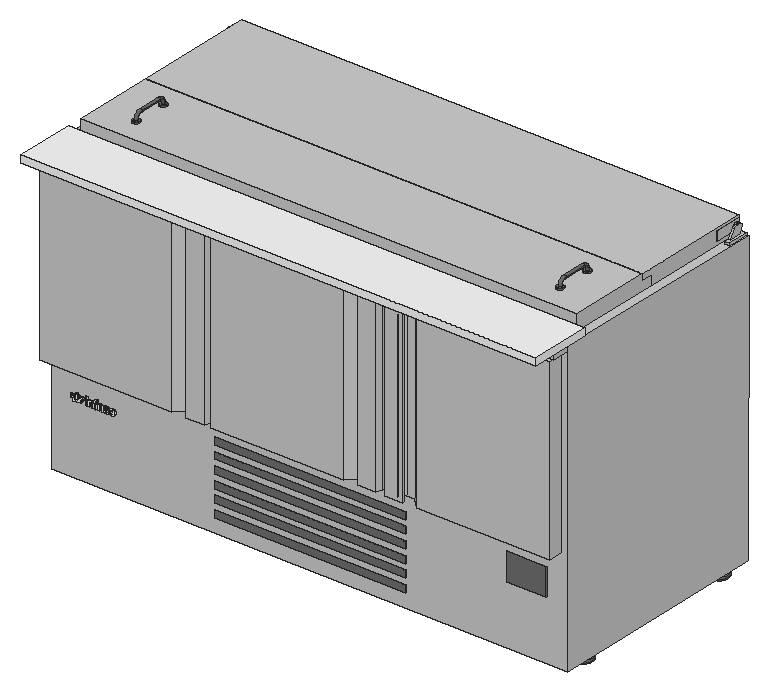
Revit family "QF_INFRICO_ME1003BAN_250813073431", category Specialty Equipment, Revit 2021
Family settings
  Round Connector Dimension = Use Diameter
  Part Type = Normal
  OmniClass Number = 23.40.40.14
  OmniClass Title = Food Service Equipment
  Work Plane-Based = No
  Always vertical = Yes
  Cut with Voids When Loaded = No
  Shared = No
  Room Calculation Point = No
Parameters (values of type "ME1003BAN-R290")
  Weight [instance] = 123.00 kg
  Waste Water Discharge Temperature [instance] = 0 °C
  Waste Remarks [instance] = ""
  Warranty Start Date [instance] = ""
  Warranty Duration [instance] = ""
  Volts [instance] = 230 V
  Volt Free Conn [instance] = no
  URL Recommended Spares List [instance] = ""
  URL Manufacturer [instance] = ""
  URL Cutsheet [instance] = ""
  URL Critical Spares List [instance] = ""
  URL = "www.infrico.com"
  Technical Documentation [instance] = ""
  Tag Number [instance] = ""
  Status [instance] = ""
  Start Up Current [instance] = 0 A
  Specification by User [instance] = ""
  Specification by Manufacturer [instance] = ""
  Sound Level [instance] = ""
  Show Logo [instance] = yes
  Show Clearances [instance] = yes
  Service Life Duration [instance] = ""
  Serial Number [instance] = ""
  Seismic Rating [instance] = ""
  SMACNA No [instance] = ""
  Revision Code [instance] = ""
  Revision [instance] = ""
  Production Year [instance] = ""
  Potential Equalisation [instance] = no
  Point Load [instance] = 0
  Plumbing Connection Type [instance] = ""
  Phase [instance] = 1
  Other Equipment Approvals [instance] = ""
  Operational Current [instance] = 0 A
  Number of Poles [instance] = 2
  No Load Power Draw [instance] = no
  NAFEM Spec ID Number [instance] = ""
  Model Warning [instance] = ""
  Model = "ME1003BAN"
  Min Ckt Ampacity [instance] = 0 A
  Max Overcurrent Protection [instance] = 0 A
  Masterspec [instance] = ""
  Manufacturer = "INFRICO"
  Main switch integrated [instance] = no
  Length Actual [instance] = 1460 mm
  Item Number [instance] = ""
  Installed By [instance] = ""
  Installation Date [instance] = ""
  Indirect Waste Size [instance] = 19.05 mm
  Indirect Waste Remarks [instance] = ""
  Indirect Waste Flow [instance] = 0.0 L/s
  Indirect Waste Connection Type [instance] = ""
  Indirect Waste Connection Height [instance] = 0 mm
  Identify Quantity as Lot [instance] = no
  ID [instance] = ""
  Hygiene Approval [instance] = ""
  Height Actual [instance] = 885 mm
  HP power [instance] = ""
  Furnished By [instance] = ""
  Foodservice Equipment Identifier [instance] = no
  FL Amps [instance] = 0 A
  Electrical Remarks [instance] = ""
  Electric power [instance] = 420 W
  Electric Connection Type [instance] = ""
  Elec Conn RI Height [instance] = 0 mm
  Elec Conn Connection Height [instance] = 0 mm
  ETL Approved [instance] = no
  Direct Waste Water Discharge Temperature [instance] = -273.15 °C
  Direct Waste Size [instance] = 19.05 mm
  Direct Waste RI Height [instance] = 0 mm
  Direct Waste Flow [instance] = 0.0 L/s
  Direct Waste Connection Height [instance] = 0 mm
  Description = "GN1/1 SALAD PREP REFRIGERATOR TABLE 700 SERIES - R290"
  Depth Actual [instance] = 700 mm
  Default Elevation = 0 mm
  Cycle [instance] = 50 Hz
  Cost = 0
  Connection to energy optimisation system [instance] = yes
  Conn Plug [instance] = ""
  Conn Conduit [instance] = no
  Centralized building control system with digital interface [instance] = ""
  CSI MasterFormat [instance] = ""
  CE Approved [instance] = no
  Barcode [instance] = 0
  Author [instance] = ""
  Asset Identifier [instance] = ""
  Apparent Power [instance] = 420 VA
  Accessory [instance] = no
Reference planes
  plane 1 "Center (Front/Back)": y = 0
  plane 2: z = 0
  plane 3 "Center (Left/Right)": x = 0
Forms (mm)
  Extrusion 1, solid, not visible
    sketch origin (487.024, -150.007, 288.014) x (1, 0, 0) y (0, 1, 0)
      loop
        line (-2, 2) -> (-2, -2) -> (2, -2) -> (2, 2) -> (-2, 2)
    from -2 to 2
  Extrusion 2, solid, not visible
    sketch origin (45.002, -152.007, 286.014) x (1, 0, 0) y (0, 1, 0)
      loop
        line (-2, 2) -> (-2, -2) -> (2, -2) -> (2, 2) -> (-2, 2)
    from -2 to 2
Dimensions and locks
  locked: nested 2 to Extrusion 1 at 2  (x2)
  locked: Extrusion 2 to nested 3
  locked: nested 3 to Extrusion 2 at 2
  aligned and locked: level to plane 2
Nested families
  nested 1: "QF_INFRICO_ME1003BAN_2920" at (0, 0, 0), type "ME1003BAN-R290"
    with Weight 123.00 kg, Warranty Start Date "", Warranty Duration "", URL Cutsheet "", Technical Documentation "", Tag Number "", Status "", Specification by User "", Specification by Manufacturer "", Sound Level "", Solid Fuel Type "", Show Logo yes, Show Clearances yes, Show Clearance yes, Service Life Duration "", Serial Number "", Seismic Rating "", SMACNA No "", Revision Code "", Revision "", Production Year "", Point Load 0, Other Equipment Approvals "", NAFEM Spec ID Number "", Model Warning "", Masterspec "", Length Actual 1460 mm, Item Number "", Installed By "", Installation Date "", Identify Quantity as Lot yes, ID "", Hygiene Approval "", Height Actual 885 mm, Furnished By "", Foodservice Equipment Identifier yes, ETL Approved yes, Depth Actual 700 mm, CSI MasterFormat "", CE Approved no, Barcode "", Author "", Asset Identifier "", Accessory no
  nested 2: "CONN_POINT_DRAIN_2D___Generic_Annotation" at (487.024, -150.007, 286.014), type "CONN_POINT_DRAIN_2D___Generic_Annotation"
    with Onboard connection annotation symbol visibility yes
  nested 3: "CONN_POINT_ELE_2D___Generic_Annotation" at (45.002, -150.007, 286.014), type "CONN_POINT_ELE_2D___Generic_Annotation"
    with Onboard connection annotation symbol visibility yes
  nested 4: "QF_INFRICO_ME_DOOR_SX_4657" at (10, -638, 324), type "ME_DOOR_SX"
    with Weight 0.00 kg, Warranty Start Date "", Warranty Duration "", URL Cutsheet "", Technical Documentation "", Tag Number "", Status "", Specification by User "", Specification by Manufacturer "", Sound Level "", Solid Fuel Type "", Show Logo yes, Show Clearances yes, Show Clearance yes, Service Life Duration "", Serial Number "", Seismic Rating "", SMACNA No "", Revision Code "", Revision "", Production Year "", Point Load 0, Other Equipment Approvals "", NAFEM Spec ID Number "", Model Warning "", Masterspec "", Length Actual 472 mm, Item Number "", Installed By "", Installation Date "", Identify Quantity as Lot yes, ID "", Hygiene Approval "", Height Actual 502 mm, Furnished By "", Foodservice Equipment Identifier yes, ETL Approved yes, Depth Actual 57 mm, CSI MasterFormat "", CE Approved no, Barcode "", Author "", Asset Identifier "", Accessory yes
  nested 5: "QF_INFRICO_ME_DOOR_SX_5431" at (496, -638, 324), type "ME_DOOR_SX"
    with Weight 0.00 kg, Warranty Start Date "", Warranty Duration "", URL Cutsheet "", Technical Documentation "", Tag Number "", Status "", Specification by User "", Specification by Manufacturer "", Sound Level "", Solid Fuel Type "", Show Logo yes, Show Clearances yes, Show Clearance yes, Service Life Duration "", Serial Number "", Seismic Rating "", SMACNA No "", Revision Code "", Revision "", Production Year "", Point Load 0, Other Equipment Approvals "", NAFEM Spec ID Number "", Model Warning "", Masterspec "", Length Actual 472 mm, Item Number "", Installed By "", Installation Date "", Identify Quantity as Lot yes, ID "", Hygiene Approval "", Height Actual 502 mm, Furnished By "", Foodservice Equipment Identifier yes, ETL Approved yes, Depth Actual 57 mm, CSI MasterFormat "", CE Approved no, Barcode "", Author "", Asset Identifier "", Accessory yes
  nested 6: "QF_INFRICO_ME_DOOR_DX_6205" at (982, -638, 324), type "ME_DOOR_DX"
    with Weight 0.00 kg, Warranty Start Date "", Warranty Duration "", URL Cutsheet "", Technical Documentation "", Tag Number "", Status "", Specification by User "", Specification by Manufacturer "", Sound Level "", Solid Fuel Type "", Show Logo yes, Show Clearances yes, Show Clearance yes, Service Life Duration "", Serial Number "", Seismic Rating "", SMACNA No "", Revision Code "", Revision "", Production Year "", Point Load 0, Other Equipment Approvals "", NAFEM Spec ID Number "", Model Warning "", Masterspec "", Length Actual 472 mm, Item Number "", Installed By "", Installation Date "", Identify Quantity as Lot yes, ID "", Hygiene Approval "", Height Actual 502 mm, Furnished By "", Foodservice Equipment Identifier yes, ETL Approved yes, Depth Actual 57 mm, CSI MasterFormat "", CE Approved no, Barcode "", Author "", Asset Identifier "", Accessory yes
Connectors
  piping at (487.024, -150.007, 286.014), diameter 19.05, driven by "Indirect Waste Size", driven by "Direct Waste Flow"
    settings: on Extrusion 1, index 1, connector inside diameter 609.6 mm, connector length 0 mm, flow factor 0, pipe flow 0.0 L/s, pressure drop 0.0 Pa, fitting loss kfactor 0, connector angle 0.00°, fixture units 0, engagement length 0 mm, angle of deflection 0.00°, flow configuration 1, flow direction 2, fitting loss method 0, system type 16, joint type 0, gender type 0, connector reference index -1, connector utility 0, adjustable connector no, is connector primary yes, connector description "Waste connection for ME1003BAN"
  electrical at (45.002, -150.007, 286.014), driven by "Apparent Power", driven by "Number of Poles", driven by "Volts"
    settings: on Extrusion 2, index 2, voltage 230 V, apparent load 0 VA, apparent load phase1 420 VA, apparent load phase2 0 VA, apparent load phase3 0 VA, power factor 1, load classification "Other", number of poles 2, system type 31, power factor state 1, is connector primary yes, connector utility no, sub classification motor no, connector description "Electrical connection for ME1003BAN"
Definition of nested family "QF_INFRICO_ME1003BAN_2920"
  Parameters (values of type "ME1003BAN-R290")
    Weight [instance] = 0.00 kg
    Warranty Start Date [instance] = ""
    Warranty Duration [instance] = ""
    URL Cutsheet [instance] = ""
    URL = "www.infrico.com"
    Technical Documentation [instance] = ""
    Tag Number [instance] = ""
    Status [instance] = ""
    Specification by User [instance] = ""
    Specification by Manufacturer [instance] = ""
    Sound Level [instance] = ""
    Solid Fuel Type [instance] = ""
    Show Logo [instance] = yes
    Show Clearances [instance] = yes
    Show Clearance [instance] = yes
    Service Life Duration [instance] = ""
    Serial Number [instance] = ""
    Seismic Rating [instance] = ""
    SMACNA No [instance] = ""
    Revision Code [instance] = ""
    Revision [instance] = ""
    Production Year [instance] = ""
    Point Load [instance] = 0
    Other Equipment Approvals [instance] = ""
    NAFEM Spec ID Number [instance] = ""
    Model Warning [instance] = ""
    Model = "ME1003BAN"
    Masterspec [instance] = ""
    Manufacturer = "INFRICO"
    Length Actual [instance] = 0 mm
    Item Number [instance] = ""
    Installed By [instance] = ""
    Installation Date [instance] = ""
    Identify Quantity as Lot [instance] = yes
    ID [instance] = ""
    Hygiene Approval [instance] = ""
    Height Actual [instance] = 0 mm
    Furnished By [instance] = ""
    Foodservice Equipment Identifier [instance] = yes
    ETL Approved [instance] = yes
    Description = "GN1/1 SALAD PREP REFRIGERATOR TABLE 700 SERIES - R290"
    Depth Actual [instance] = 0 mm
    Default Elevation = 0 mm
    CSI MasterFormat [instance] = ""
    CE Approved [instance] = yes
    Barcode [instance] = ""
    Author [instance] = ""
    Asset Identifier [instance] = ""
    Assembly Code = "E1090320"
    Accessory [instance] = yes
  Types (2, lengths in mm): name | Description
    ME1003BAN | "GN1/1 SALAD PREP REFRIGERATOR TABLE 700 SERIES - R134A"
    ME1003BAN-R290 | "GN1/1 SALAD PREP REFRIGERATOR TABLE 700 SERIES - R290"
  Reference planes
    plane 1 "Back": y = 0
    plane 2: z = 0
    plane 3 "Left": x = 0
    plane 4 "Right": x = 1460
    plane 5 "Front": y = -700
    plane 6 "Top": z = 895.04
  Forms (mm)
    Revolve 1, solid
      sketch origin (29, 0.51, 0) x (0, 1, 0) y (0, 0, 1)
        loop
          line (-65.51, 19.01) -> (-65.51, 0) -> (-45.51, 0)
          arc (-45.51, 0) -> (-41.974, 1.464) -> (-40.51, 5) r 5
          line (-40.51, 5) -> (-40.51, 10) -> (-50.51, 10) -> (-50.51, 14.5) -> (-60.51, 14.5) -> (-60.51, 19.01) -> (-65.51, 19.01)
        axis (-65.51, 19.01) -> (-65.51, 0)
      angle from 0 to 360
    Revolve 2, solid
      sketch origin (29, -479.49, 0) x (0, 1, 0) y (0, 0, 1)
        loop
          line (-65.51, 19.01) -> (-65.51, 0) -> (-45.51, 0)
          arc (-45.51, 0) -> (-41.974, 1.464) -> (-40.51, 5) r 5
          line (-40.51, 5) -> (-40.51, 10) -> (-50.51, 10) -> (-50.51, 14.5) -> (-60.51, 14.5) -> (-60.51, 19.01) -> (-65.51, 19.01)
        axis (-65.51, 19.01) -> (-65.51, 0)
      angle from 0 to 360
    Revolve 3, solid
      sketch origin (1431, 0.51, 0) x (0, 1, 0) y (0, 0, 1)
        loop
          line (-65.51, 19.01) -> (-65.51, 0) -> (-45.51, 0)
          arc (-45.51, 0) -> (-41.974, 1.464) -> (-40.51, 5) r 5
          line (-40.51, 5) -> (-40.51, 10) -> (-50.51, 10) -> (-50.51, 14.5) -> (-60.51, 14.5) -> (-60.51, 19.01) -> (-65.51, 19.01)
        axis (-65.51, 19.01) -> (-65.51, 0)
      angle from 0 to 360
    Revolve 4, solid
      sketch origin (1431, -479.49, 0) x (0, 1, 0) y (0, 0, 1)
        loop
          line (-65.51, 19.01) -> (-65.51, 0) -> (-45.51, 0)
          arc (-45.51, 0) -> (-41.974, 1.464) -> (-40.51, 5) r 5
          line (-40.51, 5) -> (-40.51, 10) -> (-50.51, 10) -> (-50.51, 14.5) -> (-60.51, 14.5) -> (-60.51, 19.01) -> (-65.51, 19.01)
        axis (-65.51, 19.01) -> (-65.51, 0)
      angle from 0 to 360
    Extrusion 5, solid
      sketch origin (0, 0, 0) x (0, 1, 0) y (0, 0, 1)
        loop
          line (0, 19.01) -> (0, 49.01) -> (-150, 49.01) -> (-150, 319) -> (0, 319) -> (0, 844.01) -> (-638, 844.01) -> (-638, 19.01) -> (0, 19.01)
      from 30 to 1430
    Extrusion 6, solid
      sketch origin (-1759, -636.1, 0) x (1, 0, 0) y (0, 0, 1)
        loop
          line (2220, 263.01) -> (2220, 243.01) -> (2760, 243.01) -> (2760, 263.01) -> (2220, 263.01)
      from 0 to 2
    Extrusion 7, solid
      sketch origin (-1759, -636.1, -37) x (1, 0, 0) y (0, 0, 1)
        loop
          line (2220, 263.01) -> (2220, 243.01) -> (2760, 243.01) -> (2760, 263.01) -> (2220, 263.01)
      from 0 to 2
    Extrusion 8, solid
      sketch origin (-1759, -636.1, -74) x (1, 0, 0) y (0, 0, 1)
        loop
          line (2220, 263.01) -> (2220, 243.01) -> (2760, 243.01) -> (2760, 263.01) -> (2220, 263.01)
      from 0 to 2
    Extrusion 9, solid
      sketch origin (-1759, -636.1, -111) x (1, 0, 0) y (0, 0, 1)
        loop
          line (2220, 263.01) -> (2220, 243.01) -> (2760, 243.01) -> (2760, 263.01) -> (2220, 263.01)
      from 0 to 2
    Extrusion 10, solid
      sketch origin (-1759, -636.1, -148) x (1, 0, 0) y (0, 0, 1)
        loop
          line (2220, 263.01) -> (2220, 243.01) -> (2760, 243.01) -> (2760, 263.01) -> (2220, 263.01)
      from 0 to 2
    Extrusion 11, solid
      sketch origin (-1759, -636.1, -185) x (1, 0, 0) y (0, 0, 1)
        loop
          line (2220, 263.01) -> (2220, 243.01) -> (2760, 243.01) -> (2760, 263.01) -> (2220, 263.01)
      from 0 to 2
    Extrusion 12, solid
      sketch origin (-1518, -638, 0) x (1, 0, 0) y (0, 0, 1)
        loop
          line (2917.81, 187.81) -> (2917.81, 264.21) -> (2806.21, 264.21) -> (2806.21, 187.81) -> (2917.81, 187.81)
      from 0 to 2
    Extrusion 13, solid
      sketch origin (-1999.879, -2000, 843.52) x (1, 0, 0) y (0, 1, 0)
        loop
          line (2004.879, 1939.39) -> (2016.879, 1939.39) -> (2016.879, 1999.39) -> (2004.879, 1999.39) -> (2004.879, 1939.39)
      from 0.49 to 6
    Extrusion 14, solid
      sketch origin (12, -2000, 0) x (0, 1, 0) y (0, 0, 1)
        loop
          line (1953.39, 849.52) -> (1985.399, 849.52) -> (1991.942, 868.802)
          arc (1991.942, 868.802) -> (1990.52, 873.832) -> (1985.772, 876.02) r 6.246
          line (1985.772, 876.02) -> (1975.772, 876.02)
          arc (1975.772, 876.02) -> (1970.994, 874.797) -> (1967.39, 871.429) r 9.947
          line (1967.39, 871.429) -> (1953.39, 849.52)
      from 0 to 5
    Extrusion 15, solid
      sketch origin (24, -2000, 0) x (0, 1, 0) y (0, 0, 1)
        loop
          line (1996.591, 881.767) -> (1921.591, 881.767) -> (1921.591, 855.741) -> (1996.591, 855.741) -> (1996.591, 881.767)
      from 0 to 4
    Revolve 16, solid
      sketch origin (-1999.879, -17.5, 0) x (1, 0, 0) y (0, 0, 1)
        loop
          line (2023.879, 877.754) -> (2020.879, 877.754) -> (2020.879, 875.754) -> (2016.879, 875.754) -> (2016.879, 868.754) -> (2023.879, 868.754) -> (2023.879, 877.754)
        axis (2023.879, 868.754) -> (2016.879, 868.754)
      angle from 0 to 360
    Extrusion 17, solid
      sketch origin (3459.879, -2000, 843.52) x (-1, 0, 0) y (0, -1, 0)
        loop
          line (2004.879, -1939.39) -> (2004.879, -1999.39) -> (2016.879, -1999.39) -> (2016.879, -1939.39) -> (2004.879, -1939.39)
      from 0.49 to 6
    Extrusion 18, solid
      sketch origin (1448, -2000, 0) x (0, 1, 0) y (0, 0, -1)
        loop
          line (1953.39, -849.52) -> (1967.39, -871.429)
          arc (1967.39, -871.429) -> (1970.994, -874.797) -> (1975.772, -876.02) r 9.947
          line (1975.772, -876.02) -> (1985.772, -876.02)
          arc (1985.772, -876.02) -> (1990.52, -873.832) -> (1991.942, -868.802) r 6.246
          line (1991.942, -868.802) -> (1985.399, -849.52) -> (1953.39, -849.52)
      from 0 to 5
    Extrusion 19, solid
      sketch origin (1436, -2000, 0) x (0, 1, 0) y (0, 0, -1)
        loop
          line (1996.591, -881.767) -> (1996.591, -855.741) -> (1921.591, -855.741) -> (1921.591, -881.767) -> (1996.591, -881.767)
      from 0 to 4
    Revolve 20, solid
      sketch origin (3459.879, -17.5, 0) x (-1, 0, 0) y (0, 0, -1)
        loop
          line (2023.879, -877.754) -> (2023.879, -868.754) -> (2016.879, -868.754) -> (2016.879, -875.754) -> (2020.879, -875.754) -> (2020.879, -877.754) -> (2023.879, -877.754)
        axis (2023.879, -868.754) -> (2016.879, -868.754)
      angle from 0 to 360
    Extrusion 21, solid
      sketch origin (-2000, -1998.498, 0) x (0, 1, 0) y (0, 0, 1)
        loop
          line (1984.553, 849.52) -> (1998.498, 854.596) -> (1998.498, 887) -> (1659, 887) -> (1659, 869.042) -> (1686.902, 869.042) -> (1686.902, 844.01) -> (1998.498, 844.01) -> (1998.498, 849.52) -> (1984.553, 849.52)
      from 2028 to 3432
    Extrusion 22, solid
      sketch origin (0, -1998.498, 0) x (0, 1, 0) y (0, 0, 1)
        loop
          line (1657.498, 869.042) -> (1657.498, 887) -> (1426.473, 887) -> (1426.473, 844.01) -> (1686.902, 844.01) -> (1686.902, 869.042) -> (1657.498, 869.042)
      from 28 to 1432
    Sweep 23, solid
      path origin (129.996, -1997.798, 0) x (0, 1, 0) y (0, 0, 1)
        loop
          line (1494.808, 887) -> (1494.808, 892.851)
          arc (1494.808, 892.851) -> (1499.195, 903.444) -> (1509.788, 907.831) r 14.981
          line (1509.788, 907.831) -> (1575.808, 907.831)
          arc (1575.808, 907.831) -> (1586.4, 903.444) -> (1590.788, 892.851) r 14.981
          line (1590.788, 892.851) -> (1590.788, 887)
      profile origin (129.996, -407.01, 889.925) x (1, 0, 0) y (0, 1, 0)
        loop
          circle (0, 0) r 4
    Sweep 24, solid
      path origin (1329.996, -1997.798, 0) x (0, 1, 0) y (0, 0, 1)
        loop
          line (1494.808, 887) -> (1494.808, 892.851)
          arc (1494.808, 892.851) -> (1499.195, 903.444) -> (1509.788, 907.831) r 14.981
          line (1509.788, 907.831) -> (1575.808, 907.831)
          arc (1575.808, 907.831) -> (1586.4, 903.444) -> (1590.788, 892.851) r 14.981
          line (1590.788, 892.851) -> (1590.788, 887)
      profile origin (1329.996, -407.01, 889.925) x (1, 0, 0) y (0, 1, 0)
        loop
          circle (0, 0) r 4
    Extrusion 25, solid
      sketch origin (0, 1.502, 887) x (1, 0, 0) y (0, 1, 0)
        loop
          circle (129.996, -408.512) r 10
      from 0 to 2
    Extrusion 26, solid
      sketch origin (0, -94.479, 887) x (1, 0, 0) y (0, 1, 0)
        loop
          circle (129.996, -408.512) r 10
      from 0 to 2
    Extrusion 27, solid
      sketch origin (1200, 1.502, 887) x (1, 0, 0) y (0, 1, 0)
        loop
          circle (129.996, -408.512) r 10
      from 0 to 2
    Extrusion 28, solid
      sketch origin (1200, -94.479, 887) x (1, 0, 0) y (0, 1, 0)
        loop
          circle (129.996, -408.512) r 10
      from 0 to 2
    Extrusion 29, solid, detail levels coarse
      sketch origin (0, 1.502, 0) x (0, 1, 0) y (0, 0, 1)
        loop
          line (-1.502, 887) -> (-1.502, 1183.498) -> (-44.502, 1183.498)
          arc (-44.502, 1183.498) -> (-254.158, 1096.656) -> (-341, 887) r 296.498
          line (-341, 887) -> (-1.502, 887)
      from 28 to 1432
    Extrusion 30, solid
      sketch origin (0, 0, 0) x (0, 1, 0) y (0, 0, 1)
        loop
          line (-750, 844.01) -> (-580, 844.01) -> (-580, 864.01) -> (-750, 864.01) -> (-750, 844.01)
      from 0 to 1460
    Extrusion 31, solid
      sketch origin (-2000, -1999.98, 0.1) x (0, 1, 0) y (0, 0, 1)
        loop
          line (1312.96, 842.41) -> (1312.96, 829.41) -> (1361.98, 829.41) -> (1361.98, 842.41) -> (1312.96, 842.41)
      from 2002 to 3458
    Extrusion 32, solid
      sketch origin (0, -140, 0) x (1, 0, 0) y (0, 0, 1)
        loop
          circle (45, 286) r 12.7
      from 0 to 10
    Extrusion 33, solid
      sketch origin (0, -140, 0) x (1, 0, 0) y (0, 0, 1)
        loop
          circle (487, 302) r 9.525
      from 0 to 10
    Extrusion 34, solid
      sketch origin (0, 0, 0) x (0, 1, 0) y (0, 0, 1)
        loop
          line (-638, 19.01) -> (0, 19.01) -> (0, 844.01) -> (-638, 844.01) -> (-638, 19.01)
      from 0 to 30
    Extrusion 35, solid
      sketch origin (1460, 0, 0) x (0, 1, 0) y (0, 0, -1)
        loop
          line (-638, -19.01) -> (-638, -844.01) -> (0, -844.01) -> (0, -19.01) -> (-638, -19.01)
      from 0 to 30
    Extrusion 36, solid, visible <- "Show Logo"
      sketch origin (-1108.19, -638, -480.543) x (1, 0, 0) y (0, 0, 1)
        loop
          line (1208.799, 696.53) -> (1208.799, 719.204) -> (1204.173, 719.204) -> (1204.173, 696.53) -> (1208.799, 696.53)
        loop
          line (1214.779, 713.006) -> (1211.283, 713.006) -> (1211.283, 696.53) -> (1215.772, 696.53) -> (1215.772, 707.832)
          arc (1215.772, 707.832) -> (1217.528, 708.741) -> (1219.417, 709.324) r 11.052
          arc (1219.417, 709.324) -> (1220.929, 708.961) -> (1221.598, 707.557) r 1.806
          line (1221.598, 707.557) -> (1221.598, 696.53) -> (1226.121, 696.53) -> (1226.121, 708.689)
          arc (1226.121, 708.689) -> (1224.637, 712.075) -> (1221.141, 713.281) r 4.607
          arc (1221.141, 713.281) -> (1218.282, 712.674) -> (1215.669, 711.361) r 11.435
          line (1215.669, 711.361) -> (1215.601, 712.184)
          arc (1215.601, 712.184) -> (1215.36, 712.765) -> (1214.779, 713.006) r 0.822
        loop
          line (1238.557, 720.102) -> (1237.306, 720.102)
          arc (1237.306, 720.102) -> (1235.052, 719.926) -> (1232.881, 719.297) r 11.103
          arc (1232.881, 719.297) -> (1230.805, 717.616) -> (1230.024, 715.062) r 4.567
          line (1230.024, 715.062) -> (1230.024, 712.909) -> (1227.351, 712.703) -> (1227.351, 709.374) -> (1230.024, 709.374) -> (1230.024, 696.53) -> (1234.547, 696.53) -> (1234.547, 709.374) -> (1238.249, 709.374) -> (1238.249, 712.938) -> (1234.547, 712.938) -> (1234.547, 714.548)
          arc (1234.547, 714.548) -> (1234.956, 715.705) -> (1236.045, 716.271) r 1.67
          line (1236.045, 716.271) -> (1237.7, 716.399)
          arc (1237.7, 716.399) -> (1238.306, 716.65) -> (1238.557, 717.255) r 0.857
          line (1238.557, 717.255) -> (1238.557, 720.102)
        loop
          line (1239.479, 713.006) -> (1239.479, 696.53) -> (1243.968, 696.53) -> (1243.968, 707.352)
          arc (1243.968, 707.352) -> (1245.873, 708.631) -> (1248.077, 709.268) r 7.435
          line (1248.077, 709.268) -> (1249.241, 709.416)
          arc (1249.241, 709.416) -> (1249.643, 709.758) -> (1249.793, 710.265) r 0.928
          line (1249.793, 710.265) -> (1249.793, 712.458)
          arc (1249.793, 712.458) -> (1249.531, 713.061) -> (1248.912, 713.28) r 0.824
          arc (1248.912, 713.28) -> (1246.197, 712.588) -> (1243.899, 710.984) r 7.833
          line (1243.899, 710.984) -> (1243.726, 713.006) -> (1239.479, 713.006)
        loop
          line (1255.495, 696.53) -> (1255.495, 713.006) -> (1251.006, 713.006) -> (1251.006, 696.53) -> (1255.495, 696.53)
        loop
          arc (1257.421, 701.327) -> (1258.567, 698.188) -> (1261.466, 696.525) r 4.873
          arc (1261.466, 696.525) -> (1264.493, 696.266) -> (1267.521, 696.525) r 17.816
          arc (1267.521, 696.525) -> (1270.575, 699.134) -> (1271.505, 703.041) r 6.481
          line (1271.505, 703.041) -> (1267.187, 703.041) -> (1267.187, 701.67)
          arc (1267.187, 701.67) -> (1266.64, 700.452) -> (1265.442, 699.865) r 1.965
          arc (1265.442, 699.865) -> (1264.547, 699.816) -> (1263.653, 699.865) r 8.196
          arc (1263.653, 699.865) -> (1262.417, 700.415) -> (1261.91, 701.67) r 1.806
          line (1261.91, 701.67) -> (1261.91, 707.9)
          arc (1261.91, 707.9) -> (1262.417, 709.155) -> (1263.653, 709.705) r 1.806
          arc (1263.653, 709.705) -> (1264.547, 709.754) -> (1265.442, 709.705) r 8.196
          arc (1265.442, 709.705) -> (1266.64, 709.118) -> (1267.187, 707.9) r 1.965
          line (1267.187, 707.9) -> (1267.187, 706.838) -> (1271.505, 706.838)
          arc (1271.505, 706.838) -> (1270.524, 710.556) -> (1267.521, 712.959) r 6.132
          arc (1267.521, 712.959) -> (1264.493, 713.294) -> (1261.466, 712.959) r 13.851
          arc (1261.466, 712.959) -> (1258.571, 711.349) -> (1257.421, 708.243) r 4.772
          line (1257.421, 708.243) -> (1257.421, 701.327)
        loop
          arc (1272.916, 701.329) -> (1273.993, 698.345) -> (1276.726, 696.734) r 4.676
          arc (1276.726, 696.734) -> (1278.515, 696.455) -> (1280.318, 696.291) r 28.371
          arc (1280.318, 696.291) -> (1282.122, 696.455) -> (1283.911, 696.734) r 28.371
          arc (1283.911, 696.734) -> (1286.644, 698.345) -> (1287.72, 701.329) r 4.676
          line (1287.72, 701.329) -> (1287.72, 708.242)
          arc (1287.72, 708.242) -> (1286.644, 711.226) -> (1283.911, 712.837) r 4.676
          arc (1283.911, 712.837) -> (1282.122, 713.116) -> (1280.318, 713.28) r 28.371
          arc (1280.318, 713.28) -> (1278.515, 713.116) -> (1276.726, 712.837) r 28.371
          arc (1276.726, 712.837) -> (1273.993, 711.226) -> (1272.916, 708.242) r 4.676
          line (1272.916, 708.242) -> (1272.916, 701.329)
        loop
          line (1277.405, 707.866) -> (1277.405, 701.705)
          arc (1277.405, 701.705) -> (1277.844, 700.556) -> (1278.936, 699.991) r 1.725
          arc (1278.936, 699.991) -> (1279.627, 699.918) -> (1280.318, 699.856) r 46.133
          arc (1280.318, 699.856) -> (1281.01, 699.918) -> (1281.701, 699.991) r 46.133
          arc (1281.701, 699.991) -> (1282.793, 700.556) -> (1283.231, 701.705) r 1.725
          line (1283.231, 701.705) -> (1283.231, 707.866)
          arc (1283.231, 707.866) -> (1282.793, 709.015) -> (1281.701, 709.58) r 1.725
          arc (1281.701, 709.58) -> (1281.01, 709.653) -> (1280.318, 709.716) r 46.133
          arc (1280.318, 709.716) -> (1279.627, 709.653) -> (1278.936, 709.58) r 46.133
          arc (1278.936, 709.58) -> (1277.844, 709.015) -> (1277.405, 707.866) r 1.725
        loop
          arc (1190.339, 696.543) -> (1191.411, 696.987) -> (1191.856, 698.059) r 1.516
          line (1191.856, 698.059) -> (1191.856, 703.891) -> (1196.035, 703.891)
          arc (1196.035, 703.891) -> (1196.79, 704.121) -> (1197.218, 704.782) r 1.147
          line (1197.218, 704.782) -> (1197.218, 706.211)
          arc (1197.218, 706.211) -> (1196.787, 707.258) -> (1195.719, 707.634) r 1.385
          line (1195.719, 707.634) -> (1194.52, 707.634) -> (1197.218, 710.332)
          arc (1197.218, 710.332) -> (1197.605, 711.266) -> (1197.218, 712.2) r 1.321
          line (1197.218, 712.2) -> (1196.495, 712.923)
          arc (1196.495, 712.923) -> (1195.54, 713.338) -> (1194.558, 712.991) r 1.422
          line (1194.558, 712.991) -> (1191.853, 710.286) -> (1191.853, 711.479)
          arc (1191.853, 711.479) -> (1191.443, 712.516) -> (1190.435, 712.992) r 1.516
          line (1190.435, 712.992) -> (1189.514, 712.992)
          arc (1189.514, 712.992) -> (1188.511, 712.514) -> (1188.103, 711.479) r 1.516
          line (1188.103, 711.479) -> (1188.103, 706.83) -> (1182.073, 701.336) -> (1182.073, 707.509) -> (1185.639, 711.075)
          arc (1185.639, 711.075) -> (1186.053, 712.073) -> (1185.639, 713.071) r 1.412
          line (1185.639, 713.071) -> (1184.987, 713.723)
          arc (1184.987, 713.723) -> (1183.939, 714.141) -> (1182.915, 713.667) r 1.428
          line (1182.915, 713.667) -> (1182.073, 712.825) -> (1182.073, 717.784)
          arc (1182.073, 717.784) -> (1181.658, 718.787) -> (1180.655, 719.203) r 1.418
          line (1180.655, 719.203) -> (1179.726, 719.203)
          arc (1179.726, 719.203) -> (1178.723, 718.787) -> (1178.308, 717.784) r 1.418
          line (1178.308, 717.784) -> (1178.308, 712.825) -> (1177.466, 713.667)
          arc (1177.466, 713.667) -> (1176.442, 714.141) -> (1175.394, 713.723) r 1.428
          line (1175.394, 713.723) -> (1174.742, 713.071)
          arc (1174.742, 713.071) -> (1174.328, 712.073) -> (1174.742, 711.075) r 1.412
          line (1174.742, 711.075) -> (1178.308, 707.509) -> (1178.308, 701.336) -> (1172.278, 706.83) -> (1172.278, 711.479)
          arc (1172.278, 711.479) -> (1171.87, 712.514) -> (1170.867, 712.992) r 1.516
          line (1170.867, 712.992) -> (1169.946, 712.992)
          arc (1169.946, 712.992) -> (1168.938, 712.516) -> (1168.528, 711.479) r 1.516
          line (1168.528, 711.479) -> (1168.528, 710.286) -> (1165.823, 712.991)
          arc (1165.823, 712.991) -> (1164.841, 713.338) -> (1163.886, 712.923) r 1.422
          line (1163.886, 712.923) -> (1163.163, 712.2)
          arc (1163.163, 712.2) -> (1162.776, 711.266) -> (1163.163, 710.332) r 1.321
          line (1163.163, 710.332) -> (1165.861, 707.634) -> (1164.662, 707.634)
          arc (1164.662, 707.634) -> (1163.594, 707.258) -> (1163.163, 706.211) r 1.385
          line (1163.163, 706.211) -> (1163.163, 704.782)
          arc (1163.163, 704.782) -> (1163.591, 704.121) -> (1164.346, 703.891) r 1.147
          line (1164.346, 703.891) -> (1168.525, 703.891) -> (1168.525, 698.059)
          arc (1168.525, 698.059) -> (1168.969, 696.987) -> (1170.042, 696.543) r 1.516
          line (1170.042, 696.543) -> (1190.339, 696.543)
      from 0 to 2
  Cuts and joins
    joined: Extrusion 5, Extrusion 34, Extrusion 35
  Lines and regions (mm)
    symbolic lines
      curve 1: line (1460, -750, 0) -> (1460, 0, 0)
      curve 2: line (0, -750, 0) -> (1460, -750, 0)
      curve 3: line (0, 0, 0) -> (0, -750, 0)
      curve 4: line (1460, 0, 0) -> (0, 0, 0)
      curve 5: line (28, -572.025, 0) -> (1432, -572.025, 0)
      curve 6: line (28, -1.502, 0) -> (28, -572.025, 0)
      curve 7: line (1432, -572.025, 0) -> (1432, -1.502, 0)
      curve 8: arc (1333.996, -502.991, 0) -> (1329.996, -506.991, 0) -> (1325.996, -502.991, 0) r 4
      curve 9: arc (1333.996, -407.01, 0) -> (1329.996, -403.01, 0) -> (1325.996, -407.01, 0) r 4
      curve 10: line (1325.996, -502.991, 0) -> (1325.996, -407.01, 0)
      curve 11: line (1333.996, -502.991, 0) -> (1333.996, -407.01, 0)
      curve 12: arc (133.996, -502.991, 0) -> (129.996, -506.991, 0) -> (125.996, -502.991, 0) r 4
      curve 13: arc (133.996, -407.01, 0) -> (129.996, -403.01, 0) -> (125.996, -407.01, 0) r 4
      curve 14: line (125.996, -502.991, 0) -> (125.996, -407.01, 0)
      curve 15: line (133.996, -502.991, 0) -> (133.996, -407.01, 0)
      curve 16: arc (133.996, -416.175, 0) -> (129.996, -397.01, 0) -> (125.996, -416.175, 0) r 10
      curve 17: arc (125.996, -493.825, 0) -> (129.996, -512.991, 0) -> (133.996, -493.825, 0) r 10
      curve 18: arc (1325.996, -493.825, 0) -> (1329.996, -512.991, 0) -> (1333.996, -493.825, 0) r 10
      curve 19: arc (1333.996, -416.175, 0) -> (1329.996, -397.01, 0) -> (1325.996, -416.175, 0) r 10
      curve 20: line (24, -78.409, 0) -> (28, -78.409, 0)
      curve 21: line (24, -3.409, 0) -> (24, -78.409, 0)
      curve 22: line (28, -3.409, 0) -> (24, -3.409, 0)
      curve 23: line (17, -0.61, 0) -> (5, -0.61, 0)
      curve 24: line (5, -0.61, 0) -> (5, -60.61, 0)
      curve 25: line (5, -60.61, 0) -> (17, -60.61, 0)
      curve 26: line (17, -60.61, 0) -> (17, -0.61, 0)
      curve 27: line (24, -8.5, 0) -> (17, -8.5, 0)
      curve 28: line (24, -26.5, 0) -> (17, -26.5, 0)
      curve 29: line (1436, -78.409, 0) -> (1436, -3.409, 0)
      curve 30: line (1432, -78.409, 0) -> (1436, -78.409, 0)
      curve 31: line (1436, -3.409, 0) -> (1432, -3.409, 0)
      curve 32: line (1443, -0.61, 0) -> (1443, -60.61, 0)
      curve 33: line (1455, -0.61, 0) -> (1443, -0.61, 0)
      curve 34: line (1455, -60.61, 0) -> (1455, -0.61, 0)
      curve 35: line (1443, -60.61, 0) -> (1455, -60.61, 0)
      curve 36: line (1436, -26.5, 0) -> (1443, -26.5, 0)
      curve 37: line (1436, -8.5, 0) -> (1443, -8.5, 0)
      curve 38: line (0, -700, 0) -> (1460, -700, 0)
  Dimensions and locks
    plane 1 "Back" to plane 5 "Front" = 700 mm  (x2)
    plane 6 "Top" to level = 895.04 mm  (x2)
    plane 4 "Right" to plane 3 "Left" = 1460 mm
    plane 3 "Left" to plane 4 "Right" = 1460 mm
    aligned and locked: level to plane 2
  Connectors
    piping at (487, -140, 302), diameter 19.1
      settings: on Extrusion 33, index 3, connector inside diameter 609.6 mm, connector length 0 mm, flow factor 0, pipe flow 0.0 L/s, pressure drop 0.0 Pa, fitting loss kfactor 0, connector angle 0.00°, fixture units 0, engagement length 0 mm, angle of deflection 0.00°, flow configuration 1, flow direction 1, fitting loss method 0, system type 16, joint type 0, gender type 0, connector reference index -1, connector utility 0, adjustable connector no, is connector primary yes, connector description ""
    electrical at (45, -150, 286)
      settings: on Extrusion 32, index 4, voltage 0 V, apparent load 0 VA, apparent load phase1 0 VA, apparent load phase2 0 VA, apparent load phase3 0 VA, power factor 1, load classification none, number of poles 1, system type 31, power factor state 1, is connector primary yes, connector utility no, sub classification motor no, connector description "Electrical connection"
Definition of nested family "QF_INFRICO_ME_DOOR_SX_4657"
  Parameters (values of type "ME_DOOR_SX")
    Weight [instance] = 0.00 kg
    Warranty Start Date [instance] = ""
    Warranty Duration [instance] = ""
    URL Cutsheet [instance] = ""
    URL = "www.infrico.com"
    Technical Documentation [instance] = ""
    Tag Number [instance] = ""
    Status [instance] = ""
    Specification by User [instance] = ""
    Specification by Manufacturer [instance] = ""
    Sound Level [instance] = ""
    Solid Fuel Type [instance] = ""
    Show Logo [instance] = yes
    Show Clearances [instance] = yes
    Show Clearance [instance] = yes
    Service Life Duration [instance] = ""
    Serial Number [instance] = ""
    Seismic Rating [instance] = ""
    SMACNA No [instance] = ""
    Revision Code [instance] = ""
    Revision [instance] = ""
    Production Year [instance] = ""
    Point Load [instance] = 0
    Other Equipment Approvals [instance] = ""
    NAFEM Spec ID Number [instance] = ""
    Model Warning [instance] = ""
    Model = "ME_DOOR_SX"
    Masterspec [instance] = ""
    Manufacturer = "INFRICO"
    Length Actual [instance] = 0 mm
    Item Number [instance] = ""
    Installed By [instance] = ""
    Installation Date [instance] = ""
    Identify Quantity as Lot [instance] = yes
    ID [instance] = ""
    Hygiene Approval [instance] = ""
    Height Actual [instance] = 0 mm
    Furnished By [instance] = ""
    Foodservice Equipment Identifier [instance] = yes
    ETL Approved [instance] = yes
    Description = "LEFT DOOR"
    Depth Actual [instance] = 0 mm
    Default Elevation = 0 mm
    CSI MasterFormat [instance] = ""
    CE Approved [instance] = yes
    Barcode [instance] = ""
    Author [instance] = ""
    Asset Identifier [instance] = ""
    Assembly Code = "E1090320"
    Accessory [instance] = yes
  Reference planes
    plane 1 "Back": y = 0
    plane 2: z = 0
    plane 3 "Left": x = 0
    plane 4 "Right": x = 472
    plane 5 "Front": y = -57
    plane 6 "Top": z = 502
  Forms (mm)
    Extrusion 1, solid
      sketch origin (2981.326, 637.02, -168.61) x (-1, 0, 0) y (0, -1, 0)
        loop
          line (2605.426, 694.02) -> (2575.356, 663.95) -> (2552.604, 663.95) -> (2541.663, 666.881)
          arc (2541.663, 666.881) -> (2540.582, 667.631) -> (2540.222, 668.896) r 1.95
          line (2540.222, 668.896) -> (2540.566, 678.741)
          arc (2540.566, 678.741) -> (2540.774, 679.563) -> (2541.304, 680.224) r 2.001
          line (2541.304, 680.224) -> (2566.566, 690.947) -> (2566.566, 694.02) -> (2514.259, 694.02) -> (2509.326, 675.612) -> (2509.326, 654.02) -> (2981.326, 654.02) -> (2981.326, 694.02) -> (2605.426, 694.02)
      from 168.61 to 670.61
    Extrusion 2, solid
      sketch origin (0, 0, 0) x (1, 0, 0) y (0, 0, 1)
        loop
          line (457, 487) -> (15, 487) -> (15, 15) -> (457, 15) -> (457, 487)
        loop
          line (45, 457) -> (45, 45) -> (427, 45) -> (427, 457) -> (45, 457)
      from 0 to 17
    Extrusion 3, solid, detail levels coarse
      sketch origin (0, 0, 0) x (1, 0, 0) y (0, 1, 0)
        loop
          line (472, -57) -> (0, -57) -> (0, -472) -> (57, -472)
          arc (57, -472) -> (350.449, -350.449) -> (472, -57) r 415
      from 0 to 502
  Lines and regions (mm)
    symbolic lines
      curve 1: line (0, -62, 0) -> (0, -472, 0)
      curve 2: line (0, -472, 0) -> (57, -472, 0)
      curve 3: arc (57, -472, 0) -> (348.676, -352.212, 0) -> (471.97, -62, 0) r 415
  Dimensions and locks
    plane 4 "Right" to plane 3 "Left" = 472 mm
    plane 6 "Top" to level = 502 mm  (x2)
    plane 1 "Back" to plane 5 "Front" = 57 mm  (x2)
    plane 3 "Left" to plane 4 "Right" = 472 mm
    aligned and locked: level to plane 2
Definition of nested family "QF_INFRICO_ME_DOOR_SX_5431"
  Parameters (values of type "ME_DOOR_SX")
    Weight [instance] = 0.00 kg
    Warranty Start Date [instance] = ""
    Warranty Duration [instance] = ""
    URL Cutsheet [instance] = ""
    URL = "www.infrico.com"
    Technical Documentation [instance] = ""
    Tag Number [instance] = ""
    Status [instance] = ""
    Specification by User [instance] = ""
    Specification by Manufacturer [instance] = ""
    Sound Level [instance] = ""
    Solid Fuel Type [instance] = ""
    Show Logo [instance] = yes
    Show Clearances [instance] = yes
    Show Clearance [instance] = yes
    Service Life Duration [instance] = ""
    Serial Number [instance] = ""
    Seismic Rating [instance] = ""
    SMACNA No [instance] = ""
    Revision Code [instance] = ""
    Revision [instance] = ""
    Production Year [instance] = ""
    Point Load [instance] = 0
    Other Equipment Approvals [instance] = ""
    NAFEM Spec ID Number [instance] = ""
    Model Warning [instance] = ""
    Model = "ME_DOOR_SX"
    Masterspec [instance] = ""
    Manufacturer = "INFRICO"
    Length Actual [instance] = 0 mm
    Item Number [instance] = ""
    Installed By [instance] = ""
    Installation Date [instance] = ""
    Identify Quantity as Lot [instance] = yes
    ID [instance] = ""
    Hygiene Approval [instance] = ""
    Height Actual [instance] = 0 mm
    Furnished By [instance] = ""
    Foodservice Equipment Identifier [instance] = yes
    ETL Approved [instance] = yes
    Description = "LEFT DOOR"
    Depth Actual [instance] = 0 mm
    Default Elevation = 0 mm
    CSI MasterFormat [instance] = ""
    CE Approved [instance] = yes
    Barcode [instance] = ""
    Author [instance] = ""
    Asset Identifier [instance] = ""
    Assembly Code = "E1090320"
    Accessory [instance] = yes
  Reference planes
    plane 1 "Back": y = 0
    plane 2: z = 0
    plane 3 "Left": x = 0
    plane 4 "Right": x = 472
    plane 5 "Front": y = -57
    plane 6 "Top": z = 502
  Forms (mm)
    Extrusion 1, solid
      sketch origin (2981.326, 637.02, -168.61) x (-1, 0, 0) y (0, -1, 0)
        loop
          line (2605.426, 694.02) -> (2575.356, 663.95) -> (2552.604, 663.95) -> (2541.663, 666.881)
          arc (2541.663, 666.881) -> (2540.582, 667.631) -> (2540.222, 668.896) r 1.95
          line (2540.222, 668.896) -> (2540.566, 678.741)
          arc (2540.566, 678.741) -> (2540.774, 679.563) -> (2541.304, 680.224) r 2.001
          line (2541.304, 680.224) -> (2566.566, 690.947) -> (2566.566, 694.02) -> (2514.259, 694.02) -> (2509.326, 675.612) -> (2509.326, 654.02) -> (2981.326, 654.02) -> (2981.326, 694.02) -> (2605.426, 694.02)
      from 168.61 to 670.61
    Extrusion 2, solid
      sketch origin (0, 0, 0) x (1, 0, 0) y (0, 0, 1)
        loop
          line (457, 487) -> (15, 487) -> (15, 15) -> (457, 15) -> (457, 487)
        loop
          line (45, 457) -> (45, 45) -> (427, 45) -> (427, 457) -> (45, 457)
      from 0 to 17
    Extrusion 3, solid, detail levels coarse
      sketch origin (0, 0, 0) x (1, 0, 0) y (0, 1, 0)
        loop
          line (472, -57) -> (0, -57) -> (0, -472) -> (57, -472)
          arc (57, -472) -> (350.449, -350.449) -> (472, -57) r 415
      from 0 to 502
  Lines and regions (mm)
    symbolic lines
      curve 1: line (0, -62, 0) -> (0, -472, 0)
      curve 2: line (0, -472, 0) -> (57, -472, 0)
      curve 3: arc (57, -472, 0) -> (348.676, -352.212, 0) -> (471.97, -62, 0) r 415
  Dimensions and locks
    plane 4 "Right" to plane 3 "Left" = 472 mm
    plane 6 "Top" to level = 502 mm  (x2)
    plane 1 "Back" to plane 5 "Front" = 57 mm  (x2)
    plane 3 "Left" to plane 4 "Right" = 472 mm
    aligned and locked: level to plane 2
Definition of nested family "QF_INFRICO_ME_DOOR_DX_6205"
  Parameters (values of type "ME_DOOR_DX")
    Weight [instance] = 0.00 kg
    Warranty Start Date [instance] = ""
    Warranty Duration [instance] = ""
    URL Cutsheet [instance] = ""
    URL = "www.infrico.com"
    Technical Documentation [instance] = ""
    Tag Number [instance] = ""
    Status [instance] = ""
    Specification by User [instance] = ""
    Specification by Manufacturer [instance] = ""
    Sound Level [instance] = ""
    Solid Fuel Type [instance] = ""
    Show Logo [instance] = yes
    Show Clearances [instance] = yes
    Show Clearance [instance] = yes
    Service Life Duration [instance] = ""
    Serial Number [instance] = ""
    Seismic Rating [instance] = ""
    SMACNA No [instance] = ""
    Revision Code [instance] = ""
    Revision [instance] = ""
    Production Year [instance] = ""
    Point Load [instance] = 0
    Other Equipment Approvals [instance] = ""
    NAFEM Spec ID Number [instance] = ""
    Model Warning [instance] = ""
    Model = "ME_DOOR_DX"
    Masterspec [instance] = ""
    Manufacturer = "INFRICO"
    Length Actual [instance] = 0 mm
    Item Number [instance] = ""
    Installed By [instance] = ""
    Installation Date [instance] = ""
    Identify Quantity as Lot [instance] = yes
    ID [instance] = ""
    Hygiene Approval [instance] = ""
    Height Actual [instance] = 0 mm
    Furnished By [instance] = ""
    Foodservice Equipment Identifier [instance] = yes
    ETL Approved [instance] = yes
    Description = "RIGHT DOOR"
    Depth Actual [instance] = 0 mm
    Default Elevation = 0 mm
    CSI MasterFormat [instance] = ""
    CE Approved [instance] = yes
    Barcode [instance] = ""
    Author [instance] = ""
    Asset Identifier [instance] = ""
    Assembly Code = "E1090320"
    Accessory [instance] = yes
  Reference planes
    plane 1 "Back": y = 0
    plane 2: z = 0
    plane 3 "Left": x = 0
    plane 4 "Right": x = 472
    plane 5 "Front": y = -57
    plane 6 "Top": z = 502
  Forms (mm)
    Extrusion 1, solid
      sketch origin (-2509.326, 637.02, -168.61) x (1, 0, 0) y (0, 1, 0)
        loop
          line (2605.426, -694.02) -> (2981.326, -694.02) -> (2981.326, -654.02) -> (2509.326, -654.02) -> (2509.326, -675.612) -> (2514.259, -694.02) -> (2566.566, -694.02) -> (2566.566, -690.947) -> (2541.304, -680.224)
          arc (2541.304, -680.224) -> (2540.774, -679.563) -> (2540.566, -678.741) r 2.001
          line (2540.566, -678.741) -> (2540.222, -668.896)
          arc (2540.222, -668.896) -> (2540.582, -667.631) -> (2541.663, -666.881) r 1.95
          line (2541.663, -666.881) -> (2552.604, -663.95) -> (2575.356, -663.95) -> (2605.426, -694.02)
      from 168.61 to 670.61
    Extrusion 2, solid
      sketch origin (472, 0, 0) x (-1, 0, 0) y (0, 0, -1)
        loop
          line (457, -487) -> (457, -15) -> (15, -15) -> (15, -487) -> (457, -487)
        loop
          line (45, -457) -> (427, -457) -> (427, -45) -> (45, -45) -> (45, -457)
      from 0 to 17
    Extrusion 3, solid, detail levels coarse
      sketch origin (472, 0, 0) x (-1, 0, 0) y (0, -1, 0)
        loop
          arc (472, 57) -> (350.449, 350.449) -> (57, 472) r 415
          line (57, 472) -> (0, 472) -> (0, 57) -> (472, 57)
      from 0 to 502
  Lines and regions (mm)
    symbolic lines
      curve 1: line (472, -62, 0) -> (472, -472, 0)
      curve 2: line (472, -472, 0) -> (415, -472, 0)
      curve 3: arc (415, -472, 0) -> (123.324, -352.212, 0) -> (0.03, -62, 0) r 415
  Dimensions and locks
    plane 4 "Right" to plane 3 "Left" = 472 mm
    plane 6 "Top" to level = 502 mm  (x2)
    plane 1 "Back" to plane 5 "Front" = 57 mm  (x2)
    plane 3 "Left" to plane 4 "Right" = 472 mm
    aligned and locked: level to plane 2
Definition of nested family "CONN_POINT_DRAIN_2D___Generic_Annotation"
  Parameters (values of type "CONN_POINT_DRAIN_2D___Generic_Annotation")
    Onboard connection annotation symbol visibility [instance] = yes
  Reference planes
    plane 1: y = 0
    plane 2: x = 0
  Lines and regions (mm)
    detail lines, visible <- "Onboard connection annotation symbol visibility"
      curve 1: circle (0, 0, 0) r 0.5 normal (0, 0, 1)
      curve 2: line (-1, 0, 0) -> (1, 0, 0)
      curve 3: line (0, 1, 0) -> (0, -1, 0)
      curve 4: line (1.776, 1, 0) -> (1.25, 1, 0)
      curve 5: line (1.25, 1, 0) -> (1.25, -1, 0)
      curve 6: line (1.25, -1, 0) -> (1.776, -1, 0)
      curve 7: arc (2.206, -0.862, 0) -> (2.459, -0.589, 0) -> (2.583, -0.238, 0) r 0.918
      curve 8: arc (2.583, 0.238, 0) -> (2.459, 0.589, 0) -> (2.206, 0.862, 0) r 0.918
      curve 9: arc (2.583, -0.238, 0) -> (2.599, 0, 0) -> (2.583, 0.238, 0) r 1.77
      curve 10: arc (2.206, 0.862, 0) -> (2.002, 0.965, 0) -> (1.776, 1, 0) r 0.741
      curve 11: arc (1.776, -1, 0) -> (2.002, -0.965, 0) -> (2.206, -0.862, 0) r 0.741
Definition of nested family "CONN_POINT_ELE_2D___Generic_Annotation"
  Parameters (values of type "CONN_POINT_ELE_2D___Generic_Annotation")
    Onboard connection annotation symbol visibility [instance] = yes
  Reference planes
    plane 1: y = 0
    plane 2: x = 0
  Lines and regions (mm)
    detail lines, visible <- "Onboard connection annotation symbol visibility"
      curve 1: circle (0, 0, 0) r 0.5 normal (0, 0, 1)
      curve 2: line (-1, 0, 0) -> (1, 0, 0)
      curve 3: line (0, 1, 0) -> (0, -1, 0)
      curve 4: line (2.5, 1, 0) -> (1.25, 1, 0)
      curve 5: line (1.25, 1, 0) -> (1.25, -1, 0)
      curve 6: line (1.25, -1, 0) -> (2.5, -1, 0)
      curve 7: line (1.25, 0, 0) -> (2, 0, 0)
